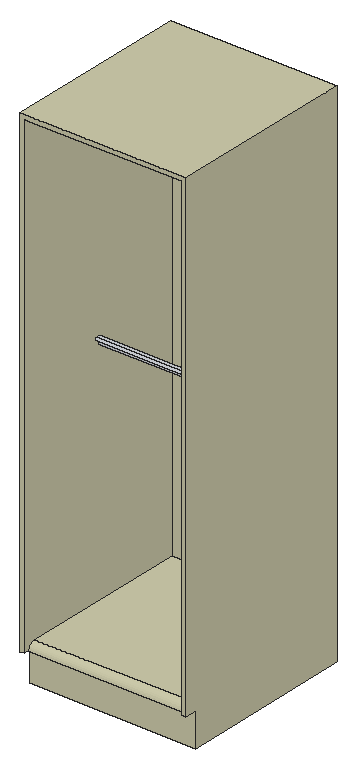
Revit family "Wenger Cabinet 32", category Furniture, Revit 2011
Parameters (values of type "Standard Cabinet #32")
  URL = "http://www.wengercorp.com/Home/Contact.html"
  Toekick Material [instance] = none
  RH End Panel [instance] = no
  Model = "32"
  Manufacturer = "Wenger Corporation"
  LH End Panel [instance] = no
  End Panel Material [instance] = none
  Edge Banding Material [instance] = none
  Door Material [instance] = none
  Description = "Standard Cabinet #32"
  Cabinet Width = 27 1/2"
  Cabinet Label = Labels : Standard
  Cabinet Height = 85 5/8"
  Cabinet Depth = 31 1/4"
  Cabinet Back Thickness = 3/4"
  Assembly Code = ""
Reference planes (in)
  plane 1 "Front": y = 0
  plane 2: z = 0
  plane 3 "Left": x = 0
  plane 4 "Right": x = 27.5
  plane 5 "Back": y = 31.25
  plane 6 "Top": z = 85.625
  plane 7: z = 5.625
  plane 8: x = 0.75
  plane 9: x = 26.75
  plane 10: z = 84.875
  plane 11: y = 30.5
  plane 12: y = 2
  plane 13: y = 0.75
  plane 14: z = 6.75
  plane 15: y = 15.30656
  plane 16: z = 46.125
  plane 17: z = 44.875
  plane 18: z = 82.125
  plane 19: z = 80.875
  plane 20: y = 14.46885
Forms (in)
  Extrusion 1, solid, material "Wenger - Oyster"
    sketch origin (0, 0, 0) x (0, 1, 0) y (0, 0, 1)
      loop
        line (0, 85.625) -> (0, 5.625) -> (2, 5.625) -> (2, 0) -> (31.25, 0) -> (31.25, 85.625) -> (0, 85.625)
    from 0 to 27.5
  Extrusion 2, void
    sketch origin (0, 0, 0) x (0, 1, 0) y (0, 0, 1)
      loop
        line (-5.5, 84.875) -> (-5.5, 5.625) -> (0.75, 5.625)
        arc (0.75, 5.625) -> (1.18296, 6.40088) -> (2, 6.75) r 1.375
        line (2, 6.75) -> (30.5, 6.75) -> (30.5, 84.875) -> (-5.5, 84.875)
    from 0.75 to 26.75
  Extrusion 3, solid
    sketch origin (0, -6.69064, 19.775) x (0, 1, 0) y (0, 0, 1)
      loop
        line (21.92299, 61.1) -> (21.9972, 61.1) -> (21.9972, 62.35) -> (21.37849, 62.35) -> (21.15949, 61.97068) -> (21.22376, 61.93357) -> (21.42134, 62.27578) -> (21.92299, 62.27578) -> (21.92299, 61.1)
    from 0.75 to 26.75
  Extrusion 4, solid
    sketch origin (0, -6.69064, -16.225) x (0, 1, 0) y (0, 0, 1)
      loop
        line (21.92299, 61.1) -> (21.9972, 61.1) -> (21.9972, 62.35) -> (21.37849, 62.35) -> (21.15949, 61.97068) -> (21.22376, 61.93357) -> (21.42134, 62.27578) -> (21.92299, 62.27578) -> (21.92299, 61.1)
    from 0.75 to 26.75
Cuts and joins
  Extrusion 2 cuts Extrusion 1
Lines and regions (in)
  symbolic lines
    curve 1: line (0, 30.61312, 0) -> (27.5, 30.61312, 0)
    curve 2: line (0, 0, 0) -> (0, 30.61312, 0)
    curve 3: line (27.5, 0, 0) -> (0, 0, 0)
    curve 4: line (27.5, 30.61312, 0) -> (27.5, 0, 0)
  model lines
    curve 5: line (0, 31.25, 85.625) -> (0, 31.25, 48.101)
Dimensions and locks (in)
  locked: plane 3 "Left" to plane 8 at 0.75
  locked: plane 9 to plane 4 "Right" at 0.75
  "Cabinet Back Thickness": plane 5 "Back" to plane 11
  locked: plane 1 "Front" to plane 13 at 0.75
  locked: plane 1 "Front" to plane 12 at 2
  locked: plane 6 "Top" to plane 10 at 0.75
  plane 10 to plane 7 = 79 1/4"  (x2)
  locked: plane 14 to plane 7 at 1.125
  plane 9 to plane 3 "Left" = 26 3/4"
  "Cabinet Width": plane 3 "Left" to plane 4 "Right"
  locked: plane 7 to level at 5.625
  "Cabinet Height": plane 6 "Top" to level
  "Cabinet Depth": plane 1 "Front" to plane 5 "Back"
  plane 8 to plane 9 = 26"
  equal spacing: curve 1, plane 15, curve 3
  plane 19 to level = 80 7/8"
  plane 17 to level = 44 7/8"
  aligned and locked: Extrusion 1 sketch curve to plane 6 "Top"
  aligned and locked: Extrusion 1 sketch curve to plane 5 "Back"
  aligned and locked: Extrusion 1 sketch curve to plane 1 "Front"
  aligned and locked: Extrusion 1 sketch curve to plane 7
  aligned and locked: Extrusion 1 sketch curve to plane 12
  aligned and locked: Extrusion 1 sketch curve to level
  aligned and locked: Extrusion 1 to plane 4 "Right"
  aligned and locked: Extrusion 1 to plane 3 "Left"
  aligned and locked: Extrusion 2 sketch curve to plane 10
  aligned and locked: Extrusion 2 sketch curve to plane 14
  aligned and locked: Extrusion 2 to plane 8
  aligned and locked: plane 3 "Left" to curve 2
  aligned and locked: plane 4 "Right" to curve 4
  aligned and locked: Extrusion 2 to plane 9
Automatic sketch dimensions
  curve 5 to plane 5 "Back" = 0"
  curve 5 to plane 6 "Top" = 0"
  Extrusion 2 sketch curve to plane 7 = 0"
  Extrusion 2 sketch curve to plane 13 = 0"
  Extrusion 2 sketch curve to plane 12 = 0"
  Extrusion 2 sketch curve to plane 11 = 0"
  plane 1 "Front" to Extrusion 2 sketch curve = 5 1/2"
  Extrusion 2 sketch curve to plane 12 = 0.10279"
  Extrusion 3 sketch curve to plane 10 = 3.12932"
  Extrusion 3 sketch curve to plane 12 = 12.46885"
  Extrusion 3 sketch curve to plane 10 = 3.16643"
  Extrusion 3 sketch curve to Extrusion 3 sketch curve = 0.06428"
  Extrusion 3 sketch curve to plane 10 = 2 3/4"
  Extrusion 3 sketch curve to Extrusion 3 sketch curve = 0.04285"
  Extrusion 3 sketch curve to Extrusion 3 sketch curve = 0.50165"
  Extrusion 3 sketch curve to Extrusion 3 sketch curve = 19/256"
  Extrusion 3 sketch curve to Extrusion 3 sketch curve = 0.83357"
  Extrusion 4 sketch curve to plane 12 = 12.46885"
  Extrusion 4 sketch curve to Extrusion 4 sketch curve = 0.06428"
  Extrusion 4 sketch curve to Extrusion 4 sketch curve = 0.219"
  Extrusion 4 sketch curve to Extrusion 4 sketch curve = 0.04285"
  Extrusion 4 sketch curve to Extrusion 4 sketch curve = 0.50165"
  Extrusion 4 sketch curve to Extrusion 4 sketch curve = 19/256"
  Extrusion 4 sketch curve to Extrusion 4 sketch curve = 0.83357"
  Extrusion 4 sketch curve to Extrusion 4 sketch curve = 0.03711"
  curve 5 to plane 10 = 36.774"
  plane 14 to Extrusion 4 sketch curve = 38 1/8"
  plane 1 "Front" to curve 3 = 0"
Nested families (in)
  nested 1: "Labels" at (13.51957, 14.32308, 0), type <- "Cabinet Label", type "Standard"
  nested 2: "Front Note" at (13.75, 0.75, 0), type "Front Note", detail levels medium+fine
Definition of nested family "Labels"
  Parameters (values of type "Standard")
    Cabinet Label = "01"
  Types (4): name | Cabinet Label
    Standard | "01"
    Narrow | "01N"
    Narrow Acoustic | "01NA"
    Acoustic | "01A"
  Reference planes (in)
    plane 1: y = 0
    plane 2: x = 0
  Text (in)
    label "xxxx" at (-0.00018, 0.00754, 0), shows "Cabinet Label"
Definition of nested family "Front Note"
  Parameters (values of type "Front Note")
    Cabinet Label = "Front"
  Reference planes (in)
    plane 1: y = 0
    plane 2: x = 0
  Text (in)
    label "Front" at (-0.00018, 0.00754, 0), shows "Cabinet Label"
